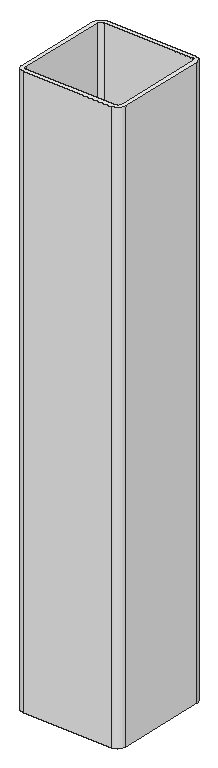
Revit family "직사각형 및 정사각형 속 빈 튜브-기둥", category 구조 기둥, Revit 2026
Family settings
  단면 모양 = 정의되지 않음
  모델 동작 재료 = 스틸
  항상 형상으로 내보내기 = 아니오
  평면의 보 전환 = 경계 상자에서
  로드될 때 보이드를 사용하여 절단 = 아니오
  기호 표현 = 프로젝트 설정에서
  공유 = 아니오
  평면도에서 미리 절단된 패밀리 표시 = 예
Parameters (values of type "TUB450x450x16")
  Assembly Code = ""
  Structural Material [instance] = 금속 - 스틸 - 345 MPa
  A = 0.027 m²
  Ht = 450 mm
  W = 2.0539
  모양 = "정사각형"
  b = 450 mm
  kr = 2 * t  # 32 mm
  t = 16 mm
Reference planes
  plane 1 "중심(앞/뒤)": y = 0
  plane 2: z = 0
  plane 3 "중심(왼쪽/오른쪽)": x = 0
  plane 4: x = -225
  plane 5: x = 225
  plane 6: y = 225
  plane 7: y = -225
  plane 8: x = -193
  plane 9: y = -193
  plane 10: y = 193
  plane 11: x = 193
Forms (mm)
  Extrusion 1, solid, material "금속 - 스틸 - 345 MPa" <- "Structural Material", detail levels medium
    sketch origin (0, 0, 0) x (1, 0, 0) y (0, 1, 0)
      loop
        line (-225, 225) -> (-225, -225) -> (225, -225) -> (225, 225) -> (-225, 225)
      loop
        line (-209, 209) -> (-209, -209) -> (209, -209) -> (209, 209) -> (-209, 209)
    from 0 to 2500
  Extrusion 2, solid, material "금속 - 스틸 - 345 MPa" <- "Structural Material", detail levels fine
    sketch origin (0, 0, 0) x (1, 0, 0) y (0, 1, 0)
      loop
        arc (-193, 225) -> (-215.627, 215.627) -> (-225, 193) r 32
        line (-225, 193) -> (-225, -193)
        arc (-225, -193) -> (-215.627, -215.627) -> (-193, -225) r 32
        line (-193, -225) -> (193, -225)
        arc (193, -225) -> (215.627, -215.627) -> (225, -193) r 32
        line (225, -193) -> (225, 193)
        arc (225, 193) -> (215.627, 215.627) -> (193, 225) r 32
        line (193, 225) -> (-193, 225)
      loop
        arc (-193, 209) -> (-204.314, 204.314) -> (-209, 193) r 16
        line (-209, 193) -> (-209, -193)
        arc (-209, -193) -> (-204.314, -204.314) -> (-193, -209) r 16
        line (-193, -209) -> (193, -209)
        arc (193, -209) -> (204.314, -204.314) -> (209, -193) r 16
        line (209, -193) -> (209, 193)
        arc (209, 193) -> (204.314, 204.314) -> (193, 209) r 16
        line (193, 209) -> (-193, 209)
    from 0 to 2500
Lines and regions (mm)
  symbolic lines, style "StructuralColumnStickSymbols", detail levels coarse
    curve 1: line (-225, 225, 0) -> (225, 225, 0)
    curve 2: line (-225, -225, 0) -> (225, -225, 0)
    curve 5: line (-225, 225, 0) -> (-225, -225, 0)
    curve 6: line (225, 225, 0) -> (225, -225, 0)
  symbolic lines, style "숨겨진 면", detail levels medium+fine
    curve 3: line (-209, 0, 0) -> (-209, 0, 2500)
    curve 4: line (209, 0, 2500) -> (209, 0, 0)
Dimensions and locks
  equal spacing: plane 4, plane 3 "중심(왼쪽/오른쪽)", plane 5
  equal spacing: plane 7, plane 1 "중심(앞/뒤)", plane 6
  "Ht": plane 7 to plane 6
  "b": plane 4 to plane 5
  "t": Extrusion 1 sketch curve to plane 5
  "t": plane 4 to Extrusion 1 sketch curve
  "t": Extrusion 1 sketch curve to plane 6
  "t": Extrusion 1 sketch curve to plane 7
  "t": Extrusion 2 sketch curve to plane 6
  "t": Extrusion 2 sketch curve to plane 5
  "t": plane 4 to Extrusion 2 sketch curve
  "t": Extrusion 2 sketch curve to plane 7
  "kr": plane 10 to plane 6
  "kr": plane 7 to plane 9
  "kr": plane 11 to plane 5
  "kr": plane 4 to plane 8
  aligned and locked: plane 6 to Extrusion 1 sketch curve
  aligned and locked: Extrusion 1 sketch curve to plane 7
  aligned and locked: Extrusion 1 sketch curve to plane 4
  aligned and locked: plane 5 to Extrusion 1 sketch curve
  aligned and locked: level to Extrusion 1
  aligned and locked: level to plane 2
  aligned and locked: Extrusion 1 to plane 2
  aligned and locked: curve 1 to Extrusion 2 sketch curve
  aligned and locked: Extrusion 2 sketch curve to Extrusion 1
  aligned and locked: level to Extrusion 2
  aligned and locked: curve 4 to Extrusion 2
  aligned and locked: curve 3 to Extrusion 2
Automatic sketch dimensions
  Extrusion 2 sketch curve to plane 8 = 0 mm  (x4)
  Extrusion 2 sketch curve to plane 7 = 0 mm
  Extrusion 2 sketch curve to plane 11 = 0 mm
  Extrusion 2 sketch curve to plane 10 = 0 mm  (x2)
  Extrusion 2 sketch curve to plane 9 = 0 mm  (x2)
  curve 3 to level = 0 mm  (x2)
  curve 4 to level = 0 mm  (x2)
  curve 5 to plane 4 = 0 mm
  curve 2 to plane 5 = 0 mm
  curve 5 to plane 7 = 0 mm
  curve 5 to plane 6 = 0 mm
